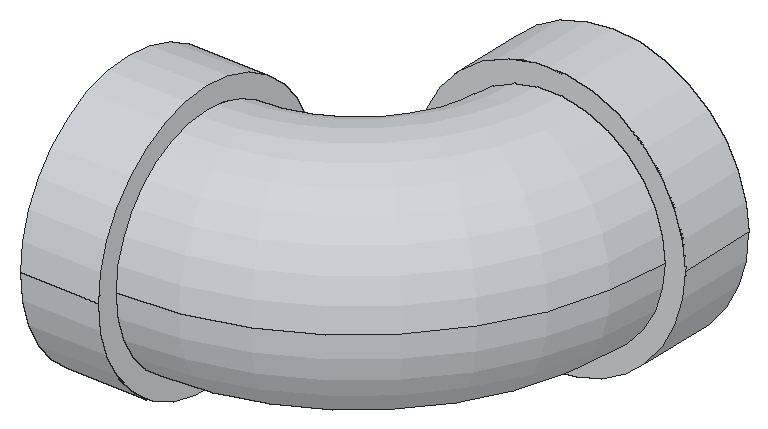
Revit family "M_Cotovelo - Rosqueado - MI - Classe 150", category Conexões de tubo, Revit 2019
Family settings
  Cota do conector redondo = Usar raio
  Tipo de parte = Cotovelo
  Número OmniClass = 23.60.30.11.14
  Título OmniClass = Pipework Fittings
  ID de item do Seek = Elbow - Threaded - MI - Class 150-0000-CAN-ENU
  Com base no plano de trabalho = Não
  Sempre na vertical = Sim
  Corte com vazios quando carregada = Não
  Compartilhado = Não
Parameters (values of type "Padrão")
  Tamanho da marca de revisão [instance] = Diâmetro externo da conexão * 0.4  # 5.952 mm
  Espessura do Metal [instance] = size_lookup(Nome da tabela de pesquisa, "MThk", 0.04 * Diâmetro nominal + 2.183 mm, Diâmetro nominal)  # 2.29 mm
  Método de perda = Coeficiente K da tabela
  Nome da tabela de pesquisa = "M_Elbow - Threaded - MI - Class 150"
  Comprimento 3 [instance] = Centro ao final * sin(Ângulo)  # 17.5 mm
  Comprimento 2 [instance] = Centro ao final * cos(Ângulo) + Centro ao final  # 17.5 mm
  Tabela de coeficiente K = "Cotovelo rosqueado comum de 45, 90 e 180"
  Raio externo da conexão [instance] = Diâmetro externo da conexão / 2  # 7.44 mm
  Diâmetro externo da conexão [instance] = Diâmetro interno da conexão + Espessura do Metal * 2  # 14.88 mm
  Comprimento 1 [instance] = (Raio externo da conexão + 0.794 mm) * tan(Ângulo / 2) + Largura da fita  # 13.334 mm
  Raio nominal [instance] = 3 mm
  Diâmetro nominal [instance] = Raio nominal * 2  # 6 mm
  Diâmetro interno da conexão [instance] = size_lookup(Nome da tabela de pesquisa, "FID", 1.08 * Diâmetro nominal + 5.159 mm, Diâmetro nominal)  # 10.3 mm
  Centro ao final 1 [instance] = size_lookup(Nome da tabela de pesquisa, "CtE1", 0.78 * Diâmetro nominal + 16.966 mm, Diâmetro nominal)  # 17.5 mm
  Centro ao final 2 [instance] = size_lookup(Nome da tabela de pesquisa, "CtE2", 0.5 * Diâmetro nominal + 15.677 mm, Diâmetro nominal)  # 16.7 mm
  Centro ao final [instance] = if(and(Ângulo > 0.00°, (not(Ângulo > 45.00°))), if(Centro ao final 2 > Raio externo da conexão * tan(Ângulo / 2) + Largura da fita, Centro ao final 2, Comprimento 1), if(Centro ao final 1 > Raio externo da conexão * tan(Ângulo / 2) + Largura da fita, Centro ao final 1, Comprimento 1))  # 17.5 mm
  Raio do centro [instance] = (Centro ao final - Largura da fita) / tan(Ângulo / 2)  # 12.4 mm
  Largura da fita [instance] = size_lookup(Nome da tabela de pesquisa, "BWid", 0.12 * Diâmetro nominal + 4.465 mm, Diâmetro nominal)  # 5.1 mm
  Raio externo da fita [instance] = Diâmetro externo da fita / 2  # 8.8 mm
  Diâmetro externo da fita [instance] = size_lookup(Nome da tabela de pesquisa, "BOD", 1.23 * Diâmetro nominal + 12.402 mm, Diâmetro nominal)  # 17.6 mm
  Assembly Code = ""
  Ângulo [instance] = 90.00°
Reference planes
  plane 1 "Centro (Frente/Trás)": y = 0
  plane 2: z = 0
  plane 3 "Centro (Esquerda/Direita)": x = 0
  plane 4: x = -12.4
  plane 5: x = -17.5
  plane 6: y = 12.4
  plane 7: y = 5.952
  plane 8: y = -5.952
  plane 9: x = 0
  plane 10: y = 17.5
Forms (mm)
  Sweep 1, solid, detail levels fine
    path in 3D
      loop
        arc (-12.4, 0, 0) -> (-3.632, 3.632, 0) -> (0, 12.4, 0) r 12.4
    profile origin (-3.632, 3.632, 0) x (-0.707107, 0.707107, 0) y (0, 0, 1)
      loop
        circle (0, 0) r 7.44
  Sweep 2, solid, detail levels fine
    path in 3D
      loop
        line (-17.5, 0, 0) -> (-12.4, 0, 0)
    profile origin (-14.95, 0, 0) x (0, 1, 0) y (0, 0, 1)
      loop
        circle (0, 0) r 8.8
  Sweep 3, solid, detail levels fine
    path in 3D
      loop
        line (0, 12.4, 0) -> (0, 17.5, 0)
    profile origin (0, 14.95, 0) x (-1, 0, 0) y (0, 0, 1)
      loop
        circle (0, 0) r 8.8
Cuts and joins
  joined: Sweep 1, Sweep 2, Sweep 3
Lines and regions (mm)
  model lines, detail levels coarse+medium
    curve 1: line (-17.5, 0, 0) -> (-12.4, 0, 0)
    curve 2: arc (-12.4, 0, 0) -> (-3.632, 3.632, 0) -> (0, 12.4, 0) r 12.4
    curve 3: line (0, 12.4, 0) -> (0, 17.5, 0)
    curve 8: line (-17.5, 0, 0) -> (-17.5, 5.952, 0)
    curve 9: line (-17.5, 0, 0) -> (-17.5, -5.952, 0)
    curve 10: line (0, 17.5, 0) -> (-5.952, 17.5, 0)
    curve 11: line (0, 17.5, 0) -> (5.952, 17.5, 0)
  sketch lines
    curve 4: arc (-12.4, 0, 0) -> (-3.632, 3.632, 0) -> (0, 12.4, 0) r 12.4
    curve 5: line (-17.5, 0, 0) -> (-12.4, 0, 0)
    curve 6: line (0, 12.4, 0) -> (0, 17.5, 0)
  reference lines
    curve 7: line (-17.5, 0, 0) -> (-12.4, 0, 0)
    curve 12: line (0, 17.5, 0) -> (0, 12.4, 0)
Dimensions and locks
  "Raio do centro": plane 6 to plane 1 "Centro (Frente/Trás)"
  "Largura da fita": plane 5 to plane 4
  "Tamanho da marca de revisão": plane 7 to plane 1 "Centro (Frente/Trás)"
  "Tamanho da marca de revisão": plane 8 to plane 1 "Centro (Frente/Trás)"
  "Largura da fita": curve 3 to curve 3
  "Tamanho da marca de revisão": curve 10 to curve 10
  "Tamanho da marca de revisão": curve 11 to curve 11
  "Centro ao final": plane 5 to plane 3 "Centro (Esquerda/Direita)"
  "Comprimento 2": plane 5 to plane 9
  "Comprimento 3": plane 10 to plane 1 "Centro (Frente/Trás)"
  "Raio do centro": radius of curve 2
  "Raio externo da conexão": radius of Sweep 1 sketch curve
  "Raio externo da fita": radius of Sweep 2 sketch curve
  "Raio externo da fita": radius of Sweep 3 sketch curve
  "Ângulo": angle curve 2 to curve 2
  "Ângulo": angle plane 1 "Centro (Frente/Trás)" to curve 3
  locked: curve 11 to curve 3 (angle 90.00°)
  locked: curve 3 to curve 10 (angle 90.00°)
  "Ângulo": angle plane 10 to curve 12
  aligned and locked: plane 4 to curve 2
  aligned and locked: plane 5 to curve 7
  aligned and locked: plane 1 "Centro (Frente/Trás)" to curve 7
  aligned and locked: plane 7 to curve 8
  aligned and locked: plane 1 "Centro (Frente/Trás)" to curve 9
  aligned and locked: plane 8 to curve 9
  aligned and locked: curve 9 to plane 5
  aligned and locked: plane 10 to curve 12
  aligned and locked: plane 9 to curve 12
Automatic sketch dimensions
  Sweep 1 sketch curve to profile plane = 0 mm  (x2)
  Sweep 2 sketch curve to profile plane = 0 mm  (x2)
  Sweep 3 sketch curve to profile plane = 0 mm  (x2)
  curve 7 to plane 4 = 0 mm
Connectors
  piping at (-17.5, 0, 0), diameter 6, driven by "Ângulo", driven by "Raio nominal"
    settings: on cut or joined group of Sweep 1, Sweep 2, Sweep 3, index 1, connector inside diameter 6 mm, connector length 0 mm, flow factor 0, pipe flow 0.0 L/s, pressure drop 0.0 Pa, fitting loss kfactor 0, connector angle 90.00°, fixture units 0, engagement length 0 mm, angle of deflection 0.00°, flow configuration 0, flow direction 0, fitting loss method 0, system type 28, joint type 0, gender type 0, connector reference index 2, connector utility 0, adjustable connector no, is connector primary yes, connector description ""
  piping at (0, 17.5, 0), diameter 6, driven by "Ângulo", driven by "Raio nominal"
    settings: on cut or joined group of Sweep 1, Sweep 2, Sweep 3, index 2, connector inside diameter 6 mm, connector length 0 mm, flow factor 0, pipe flow 0.0 L/s, pressure drop 0.0 Pa, fitting loss kfactor 0, connector angle 90.00°, fixture units 0, engagement length 0 mm, angle of deflection 0.00°, flow configuration 0, flow direction 0, fitting loss method 0, system type 28, joint type 0, gender type 0, connector reference index 1, connector utility 0, adjustable connector no, is connector primary no, connector description ""
